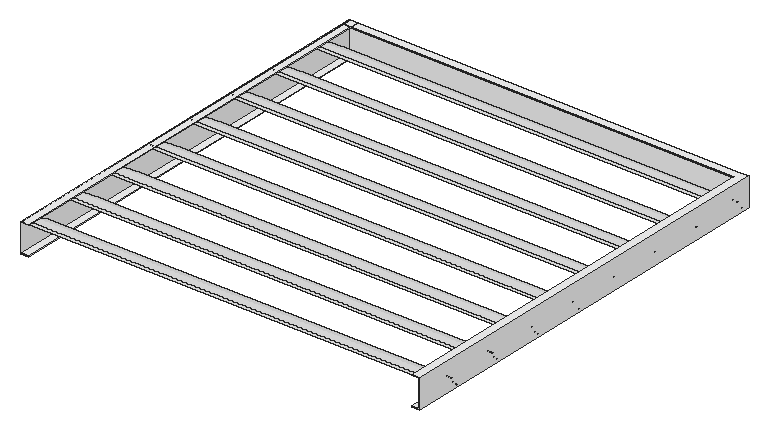
Revit family "GEN_A3-Sunshield-1555", category Generic Models, host Wall, Revit 2015
Parameters (values of type "SunShield")
  Assembly Code = ""
Types (2): name
  Type 1
  SunShield
Reference planes
  plane 1 "Wall": y = 0
  plane 2 "Center (Left/Right)": x = 125
  plane 3 "Back": y = 75
  plane 4 "LEFT": x = -652.5
  plane 5 "RIGHT": x = 902.5
  plane 6 "LOUVRE FIX PLANE": y = 75
  plane 7 "Louvre Fix Height": z = 2500
  plane 8: y = 1675
  plane 9: y = 1475
  plane 10: y = 1275
  plane 11: y = 1075
  plane 12: y = 875
  plane 13: y = 675
  plane 14: y = 475
  plane 15: y = 275
  plane 16 "Sunsheild Front Face": y = 1675
  plane 17 "Symbol": z = 1400
Forms (mm)
  Sweep 1, solid, material "Aluminium"
    path origin (0, 75, 0) x (-1, 0, 0) y (0, 0, 1)
      loop
        line (-902.5, 2500) -> (652.5, 2500)
    profile origin (125, 75, 2500) x (0, 0, 1) y (0, 1, 0)
      loop
        arc (-110, 186.715) -> (-48.139, 110.143) -> (-13.276, 18.086) r 311.336
        line (-13.276, 18.086) -> (-3.482, 20.104)
        arc (-3.482, 20.104) -> (-41.702, 118.957) -> (-110, 200) r 321.336
        line (-110, 200) -> (-110, 186.715)
      loop
        line (-1.25, 1572.5) -> (-1.25, 1604.5) -> (-113.202, 1604.5) -> (-113.202, 1572.5) -> (-111.25, 1572.5) -> (-111.25, 1602.5) -> (-3.202, 1602.5) -> (-3.202, 1572.5) -> (-1.25, 1572.5)
      loop
        arc (-110, 386.715) -> (-48.139, 310.143) -> (-13.276, 218.086) r 311.336
        line (-13.276, 218.086) -> (-3.482, 220.104)
        arc (-3.482, 220.104) -> (-41.702, 318.957) -> (-110, 400) r 321.336
        line (-110, 400) -> (-110, 386.715)
      loop
        arc (-110, 586.715) -> (-48.139, 510.143) -> (-13.276, 418.086) r 311.336
        line (-13.276, 418.086) -> (-3.482, 420.104)
        arc (-3.482, 420.104) -> (-41.702, 518.957) -> (-110, 600) r 321.336
        line (-110, 600) -> (-110, 586.715)
      loop
        arc (-110, 786.715) -> (-48.139, 710.143) -> (-13.276, 618.086) r 311.336
        line (-13.276, 618.086) -> (-3.482, 620.104)
        arc (-3.482, 620.104) -> (-41.702, 718.957) -> (-110, 800) r 321.336
        line (-110, 800) -> (-110, 786.715)
      loop
        arc (-110, 986.715) -> (-48.139, 910.143) -> (-13.276, 818.086) r 311.336
        line (-13.276, 818.086) -> (-3.482, 820.104)
        arc (-3.482, 820.104) -> (-41.702, 918.957) -> (-110, 1000) r 321.336
        line (-110, 1000) -> (-110, 986.715)
      loop
        arc (-110, 1186.715) -> (-48.139, 1110.143) -> (-13.276, 1018.086) r 311.336
        line (-13.276, 1018.086) -> (-3.482, 1020.104)
        arc (-3.482, 1020.104) -> (-41.702, 1118.957) -> (-110, 1200) r 321.336
        line (-110, 1200) -> (-110, 1186.715)
      loop
        arc (-110, 1386.715) -> (-48.139, 1310.143) -> (-13.276, 1218.086) r 311.336
        line (-13.276, 1218.086) -> (-3.482, 1220.104)
        arc (-3.482, 1220.104) -> (-41.702, 1318.957) -> (-110, 1400) r 321.336
        line (-110, 1400) -> (-110, 1386.715)
      loop
        arc (-110, 1586.715) -> (-48.139, 1510.143) -> (-13.276, 1418.086) r 311.336
        line (-13.276, 1418.086) -> (-3.482, 1420.104)
        arc (-3.482, 1420.104) -> (-41.702, 1518.957) -> (-110, 1600) r 321.336
        line (-110, 1600) -> (-110, 1586.715)
  Sweep 2, solid, material "Aluminium"
    path origin (125, 0, 0) x (0, 1, 0) y (0, 0, 1)
      loop
        line (75, 2500) -> (1680, 2500)
    profile origin (125, 877.5, 2500) x (0, 0, 1) y (1, 0, 0)
      loop
        line (-1.25, 747.5) -> (-1.25, 779.5) -> (-113.202, 779.5) -> (-113.202, 747.5) -> (-111.25, 747.5) -> (-111.25, 777.5) -> (-3.202, 777.5) -> (-3.202, 747.5) -> (-1.25, 747.5)
      loop
        line (-1.75, -747.5) -> (-3.702, -747.5) -> (-3.702, -777.5) -> (-111.75, -777.5) -> (-111.75, -747.5) -> (-113.702, -747.5) -> (-113.702, -779.5) -> (-1.75, -779.5) -> (-1.75, -747.5)
Cuts and joins
  joined: Sweep 1, Sweep 2
Lines and regions (mm)
  symbolic lines, not visible
    curve 1: line (-1077.866, 1742.286, 0) -> (1326, 1742.286, 0)
    curve 2: line (-1077.866, 137.286, 0) -> (-1077.866, 1742.286, 0)
    curve 3: line (1326, 137.286, 0) -> (-1077.866, 137.286, 0)
    curve 4: line (1326, 1742.286, 0) -> (1326, 137.286, 0)
    curve 5: line (1296, 137.286, 0) -> (1296, 1709.786, 0)
    curve 6: line (1296, 1709.786, 0) -> (-1045.866, 1709.786, 0)
    curve 7: line (-1045.866, 1709.786, 0) -> (-1045.866, 137.286, 0)
    curve 8: line (-1045.866, 324.001, 0) -> (1296, 324.001, 0)
    curve 9: line (1296, 337.286, 0) -> (-1045.866, 337.286, 0)
    curve 10: line (-1045.866, 357.39, 0) -> (1296, 357.39, 0)
    curve 11: line (-1045.866, 524.001, 0) -> (1296, 524.001, 0)
    curve 12: line (1296, 537.286, 0) -> (-1045.866, 537.286, 0)
    curve 13: line (-1045.866, 557.39, 0) -> (1296, 557.39, 0)
    curve 14: line (-1045.866, 724.001, 0) -> (1296, 724.001, 0)
    curve 15: line (1296, 737.286, 0) -> (-1045.866, 737.286, 0)
    curve 16: line (-1045.866, 757.39, 0) -> (1296, 757.39, 0)
    curve 17: line (-1045.866, 924.001, 0) -> (1296, 924.001, 0)
    curve 18: line (1296, 937.286, 0) -> (-1045.866, 937.286, 0)
    curve 19: line (-1045.866, 957.39, 0) -> (1296, 957.39, 0)
    curve 20: line (-1045.866, 1124.001, 0) -> (1296, 1124.001, 0)
    curve 21: line (1296, 1137.286, 0) -> (-1045.866, 1137.286, 0)
    curve 22: line (-1045.866, 1157.39, 0) -> (1296, 1157.39, 0)
    curve 23: line (-1045.866, 1324.001, 0) -> (1296, 1324.001, 0)
    curve 24: line (1296, 1337.286, 0) -> (-1045.866, 1337.286, 0)
    curve 25: line (-1045.866, 1357.39, 0) -> (1296, 1357.39, 0)
    curve 26: line (-1045.866, 1524.001, 0) -> (1296, 1524.001, 0)
    curve 27: line (1296, 1537.286, 0) -> (-1045.866, 1537.286, 0)
    curve 28: line (-1045.866, 1557.39, 0) -> (1296, 1557.39, 0)
    curve 29: line (-1045.866, 1709.786, 0) -> (1296, 1709.786, 0)
Text (mm)
  text "Placement side" at (-3230.194, 1116.779, 0), in view "Ref. Level"
  text "Placement side" at (0, 1409.804, 2854.306), in view "Left"
  text "Placement side" at (0, 499.811, 2980.732), in view "Right"
Dimensions and locks
  locked: plane 3 "Back" to host wall
  equal spacing: plane 4 "LEFT", plane 2 "Center (Left/Right)", plane 5 "RIGHT"
  plane 4 "LEFT" to plane 5 "RIGHT" = 1555 mm
  locked: plane 7 "Louvre Fix Height" to level at 2500
  locked: plane 16 "Sunsheild Front Face" to plane 6 "LOUVRE FIX PLANE" at 1600
  equal spacing: plane 8, plane 9, plane 10, plane 11, plane 12, plane 13, plane 14, plane 15, profile plane
  equal spacing: plane 5 "RIGHT", plane 2 "Center (Left/Right)", plane 4 "LEFT"
  aligned and locked: plane 1 "Wall" to host wall
  aligned and locked: plane 16 "Sunsheild Front Face" to plane 8
  aligned and locked: Sweep 1 sketch curve to plane 7 "Louvre Fix Height"
Automatic sketch dimensions
  Sweep 2 sketch curve to plane 6 "LOUVRE FIX PLANE" = 0 mm
  Sweep 2 sketch curve to plane 7 "Louvre Fix Height" = 0 mm
  plane 16 "Sunsheild Front Face" to Sweep 2 sketch curve = 5 mm
  profile plane to Sweep 2 sketch curve = 113.702 mm
  profile plane to Sweep 2 sketch curve = 113.202 mm
  Sweep 2 sketch curve to Sweep 2 sketch curve = 1.952 mm  (x2)
  profile plane to Sweep 2 sketch curve = 3.202 mm
  profile plane to Sweep 2 sketch curve = 3.702 mm
  profile plane to Sweep 2 sketch curve = 1.75 mm
  profile plane to Sweep 2 sketch curve = 1.25 mm
  Sweep 2 sketch curve to plane 2 "Center (Left/Right)" = 779.5 mm
  Sweep 2 sketch curve to Sweep 2 sketch curve = 2 mm  (x2)
  Sweep 2 sketch curve to Sweep 2 sketch curve = 30 mm  (x3)
  plane 2 "Center (Left/Right)" to Sweep 2 sketch curve = 747.5 mm
  Sweep 2 sketch curve to Sweep 2 sketch curve = 0 mm
  Sweep 1 sketch curve to Sweep 1 sketch curve = 0 mm  (x21)
  Sweep 1 sketch curve to plane 9 = 0 mm
  Sweep 1 sketch curve to plane 14 = 0 mm
  Sweep 1 sketch curve to plane 8 = 0 mm
  Sweep 1 sketch curve to plane 10 = 0 mm
  Sweep 1 sketch curve to plane 13 = 0 mm
  Sweep 1 sketch curve to plane 15 = 0 mm
  Sweep 1 sketch curve to plane 12 = 0 mm
  Sweep 1 sketch curve to plane 11 = 0 mm
  Sweep 1 sketch curve to plane 13 = 44.762 mm
  profile plane to Sweep 1 sketch curve = 318.203 mm  (x3)
  Sweep 1 sketch curve to plane 6 "LOUVRE FIX PLANE" = 44.762 mm
  Sweep 1 sketch curve to plane 12 = 44.762 mm
  Sweep 1 sketch curve to plane 14 = 44.762 mm
  Sweep 1 sketch curve to plane 9 = 44.762 mm
  Sweep 1 sketch curve to plane 11 = 44.762 mm
  Sweep 1 sketch curve to plane 15 = 44.762 mm
  Sweep 1 sketch curve to plane 10 = 44.762 mm
  Sweep 1 sketch curve to plane 8 = 27.5 mm  (x2)
  profile plane to Sweep 1 sketch curve = 113.202 mm
  Sweep 1 sketch curve to Sweep 1 sketch curve = 1.952 mm
  Sweep 1 sketch curve to plane 9 = 13.285 mm
  profile plane to Sweep 1 sketch curve = 110 mm  (x7)
  Sweep 1 sketch curve to plane 14 = 13.285 mm
  Sweep 1 sketch curve to Sweep 1 sketch curve = 1.25 mm
  Sweep 1 sketch curve to plane 10 = 13.285 mm
  Sweep 1 sketch curve to plane 13 = 13.285 mm
  Sweep 1 sketch curve to plane 15 = 13.285 mm
  Sweep 1 sketch curve to plane 11 = 13.285 mm
  Sweep 1 sketch curve to plane 12 = 13.285 mm
  profile plane to Sweep 1 sketch curve = 13.276 mm  (x8)
  profile plane to Sweep 1 sketch curve = 3.482 mm  (x8)
  profile plane to Sweep 1 sketch curve = 3.202 mm
  profile plane to Sweep 1 sketch curve = 1.25 mm
  Sweep 1 sketch curve to Sweep 1 sketch curve = 2.019 mm
  plane 8 to Sweep 1 sketch curve = 2.5 mm
  Sweep 1 sketch curve to Sweep 1 sketch curve = 2 mm
  Sweep 1 sketch curve to plane 5 "RIGHT" = 0 mm
  Sweep 1 sketch curve to plane 4 "LEFT" = 0 mm
